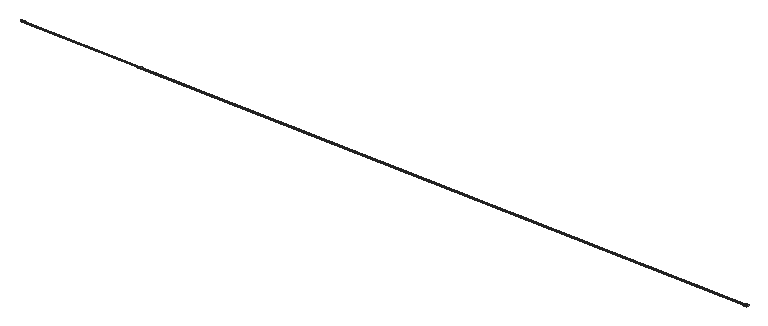
Revit family "Flex Pro IP65_0068179-82", category Lighting Fixtures, host Face, Revit 2017 (continued)
Forms (mm)
  Extrusion 145, solid
    sketch origin (1898.618, 0, 0) x (1, 0, 0) y (0, 1, 0)
      loop
        line (17.4, 1.5) -> (17.4, -1.5) -> (19.5, -1.5) -> (19.5, 1.5) -> (17.4, 1.5)
      loop
        line (34, 1.5) -> (34, -1.5) -> (36.1, -1.5) -> (36.1, 1.5) -> (34, 1.5)
      loop
        line (42.3, 1.5) -> (42.3, -1.5) -> (44.4, -1.5) -> (44.4, 1.5) -> (42.3, 1.5)
    from -1.2 to -0.5
  Extrusion 146, solid
    sketch origin (1948.582, 0, 0) x (1, 0, 0) y (0, 1, 0)
      loop
        line (9.1, 1.5) -> (9.1, -1.5) -> (11.2, -1.5) -> (11.2, 1.5) -> (9.1, 1.5)
      loop
        line (17.4, 1.5) -> (17.4, -1.5) -> (19.5, -1.5) -> (19.5, 1.5) -> (17.4, 1.5)
      loop
        line (34, 1.5) -> (34, -1.5) -> (36.1, -1.5) -> (36.1, 1.5) -> (34, 1.5)
      loop
        line (42.3, 1.5) -> (42.3, -1.5) -> (44.4, -1.5) -> (44.4, 1.5) -> (42.3, 1.5)
    from -1.2 to -0.5
  Extrusion 147, solid
    sketch origin (1998.545, 0, 0) x (1, 0, 0) y (0, 1, 0)
      loop
        line (9.1, 1.5) -> (9.1, -1.5) -> (11.2, -1.5) -> (11.2, 1.5) -> (9.1, 1.5)
      loop
        line (17.4, 1.5) -> (17.4, -1.5) -> (19.5, -1.5) -> (19.5, 1.5) -> (17.4, 1.5)
      loop
        line (34, 1.5) -> (34, -1.5) -> (36.1, -1.5) -> (36.1, 1.5) -> (34, 1.5)
      loop
        line (42.3, 1.5) -> (42.3, -1.5) -> (44.4, -1.5) -> (44.4, 1.5) -> (42.3, 1.5)
    from -1.2 to -0.5
  Extrusion 148, solid
    sketch origin (2048.509, 0, 0) x (1, 0, 0) y (0, 1, 0)
      loop
        line (9.1, 1.5) -> (9.1, -1.5) -> (11.2, -1.5) -> (11.2, 1.5) -> (9.1, 1.5)
      loop
        line (17.4, 1.5) -> (17.4, -1.5) -> (19.5, -1.5) -> (19.5, 1.5) -> (17.4, 1.5)
      loop
        line (34, 1.5) -> (34, -1.5) -> (36.1, -1.5) -> (36.1, 1.5) -> (34, 1.5)
      loop
        line (42.3, 1.5) -> (42.3, -1.5) -> (44.4, -1.5) -> (44.4, 1.5) -> (42.3, 1.5)
    from -1.2 to -0.5
  Extrusion 149, solid
    sketch origin (2098.473, 0, 0) x (1, 0, 0) y (0, 1, 0)
      loop
        line (9.1, 1.5) -> (9.1, -1.5) -> (11.2, -1.5) -> (11.2, 1.5) -> (9.1, 1.5)
      loop
        line (17.4, 1.5) -> (17.4, -1.5) -> (19.5, -1.5) -> (19.5, 1.5) -> (17.4, 1.5)
      loop
        line (34, 1.5) -> (34, -1.5) -> (36.1, -1.5) -> (36.1, 1.5) -> (34, 1.5)
      loop
        line (42.3, 1.5) -> (42.3, -1.5) -> (44.4, -1.5) -> (44.4, 1.5) -> (42.3, 1.5)
    from -1.2 to -0.5
  Extrusion 150, solid
    sketch origin (2148.436, 0, 0) x (1, 0, 0) y (0, 1, 0)
      loop
        line (9.1, 1.5) -> (9.1, -1.5) -> (11.2, -1.5) -> (11.2, 1.5) -> (9.1, 1.5)
      loop
        line (17.4, 1.5) -> (17.4, -1.5) -> (19.5, -1.5) -> (19.5, 1.5) -> (17.4, 1.5)
      loop
        line (34, 1.5) -> (34, -1.5) -> (36.1, -1.5) -> (36.1, 1.5) -> (34, 1.5)
      loop
        line (42.3, 1.5) -> (42.3, -1.5) -> (44.4, -1.5) -> (44.4, 1.5) -> (42.3, 1.5)
    from -1.2 to -0.5
  Extrusion 151, solid
    sketch origin (2198.4, 0, 0) x (1, 0, 0) y (0, 1, 0)
      loop
        line (9.1, 1.5) -> (9.1, -1.5) -> (11.2, -1.5) -> (11.2, 1.5) -> (9.1, 1.5)
      loop
        line (17.4, 1.5) -> (17.4, -1.5) -> (19.5, -1.5) -> (19.5, 1.5) -> (17.4, 1.5)
      loop
        line (34, 1.5) -> (34, -1.5) -> (36.1, -1.5) -> (36.1, 1.5) -> (34, 1.5)
      loop
        line (42.3, 1.5) -> (42.3, -1.5) -> (44.4, -1.5) -> (44.4, 1.5) -> (42.3, 1.5)
    from -1.2 to -0.5
  Extrusion 152, solid
    sketch origin (2248.364, 0, 0) x (1, 0, 0) y (0, 1, 0)
      loop
        line (9.1, 1.5) -> (9.1, -1.5) -> (11.2, -1.5) -> (11.2, 1.5) -> (9.1, 1.5)
      loop
        line (17.4, 1.5) -> (17.4, -1.5) -> (19.5, -1.5) -> (19.5, 1.5) -> (17.4, 1.5)
      loop
        line (34, 1.5) -> (34, -1.5) -> (36.1, -1.5) -> (36.1, 1.5) -> (34, 1.5)
      loop
        line (42.3, 1.5) -> (42.3, -1.5) -> (44.4, -1.5) -> (44.4, 1.5) -> (42.3, 1.5)
    from -1.2 to -0.5
  Extrusion 153, solid
    sketch origin (2298.327, 0, 0) x (1, 0, 0) y (0, 1, 0)
      loop
        line (9.1, 1.5) -> (9.1, -1.5) -> (11.2, -1.5) -> (11.2, 1.5) -> (9.1, 1.5)
      loop
        line (17.4, 1.5) -> (17.4, -1.5) -> (19.5, -1.5) -> (19.5, 1.5) -> (17.4, 1.5)
      loop
        line (34, 1.5) -> (34, -1.5) -> (36.1, -1.5) -> (36.1, 1.5) -> (34, 1.5)
      loop
        line (42.3, 1.5) -> (42.3, -1.5) -> (44.4, -1.5) -> (44.4, 1.5) -> (42.3, 1.5)
    from -1.2 to -0.5
  Extrusion 154, solid
    sketch origin (2348.291, 0, 0) x (1, 0, 0) y (0, 1, 0)
      loop
        line (9.1, 1.5) -> (9.1, -1.5) -> (11.2, -1.5) -> (11.2, 1.5) -> (9.1, 1.5)
      loop
        line (17.4, 1.5) -> (17.4, -1.5) -> (19.5, -1.5) -> (19.5, 1.5) -> (17.4, 1.5)
      loop
        line (34, 1.5) -> (34, -1.5) -> (36.1, -1.5) -> (36.1, 1.5) -> (34, 1.5)
      loop
        line (42.3, 1.5) -> (42.3, -1.5) -> (44.4, -1.5) -> (44.4, 1.5) -> (42.3, 1.5)
    from -1.2 to -0.5
  Extrusion 155, solid
    sketch origin (2398.255, 0, 0) x (1, 0, 0) y (0, 1, 0)
      loop
        line (9.1, 1.5) -> (9.1, -1.5) -> (11.2, -1.5) -> (11.2, 1.5) -> (9.1, 1.5)
      loop
        line (17.4, 1.5) -> (17.4, -1.5) -> (19.5, -1.5) -> (19.5, 1.5) -> (17.4, 1.5)
      loop
        line (34, 1.5) -> (34, -1.5) -> (36.1, -1.5) -> (36.1, 1.5) -> (34, 1.5)
      loop
        line (42.3, 1.5) -> (42.3, -1.5) -> (44.4, -1.5) -> (44.4, 1.5) -> (42.3, 1.5)
    from -1.2 to -0.5
  Extrusion 156, solid
    sketch origin (2448.218, 0, 0) x (1, 0, 0) y (0, 1, 0)
      loop
        line (9.1, 1.5) -> (9.1, -1.5) -> (11.2, -1.5) -> (11.2, 1.5) -> (9.1, 1.5)
      loop
        line (17.4, 1.5) -> (17.4, -1.5) -> (19.5, -1.5) -> (19.5, 1.5) -> (17.4, 1.5)
      loop
        line (34, 1.5) -> (34, -1.5) -> (36.1, -1.5) -> (36.1, 1.5) -> (34, 1.5)
      loop
        line (42.3, 1.5) -> (42.3, -1.5) -> (44.4, -1.5) -> (44.4, 1.5) -> (42.3, 1.5)
    from -1.2 to -0.5
  Extrusion 157, solid
    sketch origin (2498.182, 0, 0) x (1, 0, 0) y (0, 1, 0)
      loop
        line (9.1, 1.5) -> (9.1, -1.5) -> (11.2, -1.5) -> (11.2, 1.5) -> (9.1, 1.5)
      loop
        line (17.4, 1.5) -> (17.4, -1.5) -> (19.5, -1.5) -> (19.5, 1.5) -> (17.4, 1.5)
      loop
        line (34, 1.5) -> (34, -1.5) -> (36.1, -1.5) -> (36.1, 1.5) -> (34, 1.5)
      loop
        line (42.3, 1.5) -> (42.3, -1.5) -> (44.4, -1.5) -> (44.4, 1.5) -> (42.3, 1.5)
    from -1.2 to -0.5
  Extrusion 158, solid
    sketch origin (2548.145, 0, 0) x (1, 0, 0) y (0, 1, 0)
      loop
        line (9.1, 1.5) -> (9.1, -1.5) -> (11.2, -1.5) -> (11.2, 1.5) -> (9.1, 1.5)
      loop
        line (17.4, 1.5) -> (17.4, -1.5) -> (19.5, -1.5) -> (19.5, 1.5) -> (17.4, 1.5)
      loop
        line (34, 1.5) -> (34, -1.5) -> (36.1, -1.5) -> (36.1, 1.5) -> (34, 1.5)
      loop
        line (42.3, 1.5) -> (42.3, -1.5) -> (44.4, -1.5) -> (44.4, 1.5) -> (42.3, 1.5)
    from -1.2 to -0.5
  Extrusion 159, solid
    sketch origin (2598.109, 0, 0) x (1, 0, 0) y (0, 1, 0)
      loop
        line (9.1, 1.5) -> (9.1, -1.5) -> (11.2, -1.5) -> (11.2, 1.5) -> (9.1, 1.5)
      loop
        line (17.4, 1.5) -> (17.4, -1.5) -> (19.5, -1.5) -> (19.5, 1.5) -> (17.4, 1.5)
      loop
        line (34, 1.5) -> (34, -1.5) -> (36.1, -1.5) -> (36.1, 1.5) -> (34, 1.5)
      loop
        line (42.3, 1.5) -> (42.3, -1.5) -> (44.4, -1.5) -> (44.4, 1.5) -> (42.3, 1.5)
    from -1.2 to -0.5
  Extrusion 160, solid
    sketch origin (2648.073, 0, 0) x (1, 0, 0) y (0, 1, 0)
      loop
        line (9.1, 1.5) -> (9.1, -1.5) -> (11.2, -1.5) -> (11.2, 1.5) -> (9.1, 1.5)
      loop
        line (17.4, 1.5) -> (17.4, -1.5) -> (19.5, -1.5) -> (19.5, 1.5) -> (17.4, 1.5)
      loop
        line (34, 1.5) -> (34, -1.5) -> (36.1, -1.5) -> (36.1, 1.5) -> (34, 1.5)
      loop
        line (42.3, 1.5) -> (42.3, -1.5) -> (44.4, -1.5) -> (44.4, 1.5) -> (42.3, 1.5)
    from -1.2 to -0.5
  Extrusion 161, solid
    sketch origin (2698.036, 0, 0) x (1, 0, 0) y (0, 1, 0)
      loop
        line (9.1, 1.5) -> (9.1, -1.5) -> (11.2, -1.5) -> (11.2, 1.5) -> (9.1, 1.5)
      loop
        line (17.4, 1.5) -> (17.4, -1.5) -> (19.5, -1.5) -> (19.5, 1.5) -> (17.4, 1.5)
      loop
        line (34, 1.5) -> (34, -1.5) -> (36.1, -1.5) -> (36.1, 1.5) -> (34, 1.5)
      loop
        line (42.3, 1.5) -> (42.3, -1.5) -> (44.4, -1.5) -> (44.4, 1.5) -> (42.3, 1.5)
    from -1.2 to -0.5
  Extrusion 162, solid
    sketch origin (2748, 0, 0) x (1, 0, 0) y (0, 1, 0)
      loop
        line (9.1, 1.5) -> (9.1, -1.5) -> (11.2, -1.5) -> (11.2, 1.5) -> (9.1, 1.5)
      loop
        line (17.4, 1.5) -> (17.4, -1.5) -> (19.5, -1.5) -> (19.5, 1.5) -> (17.4, 1.5)
      loop
        line (34, 1.5) -> (34, -1.5) -> (36.1, -1.5) -> (36.1, 1.5) -> (34, 1.5)
      loop
        line (42.3, 1.5) -> (42.3, -1.5) -> (44.4, -1.5) -> (44.4, 1.5) -> (42.3, 1.5)
    from -1.2 to -0.5
  Extrusion 163, solid
    sketch origin (2797.964, 0, 0) x (1, 0, 0) y (0, 1, 0)
      loop
        line (9.1, 1.5) -> (9.1, -1.5) -> (11.2, -1.5) -> (11.2, 1.5) -> (9.1, 1.5)
      loop
        line (17.4, 1.5) -> (17.4, -1.5) -> (19.5, -1.5) -> (19.5, 1.5) -> (17.4, 1.5)
      loop
        line (34, 1.5) -> (34, -1.5) -> (36.1, -1.5) -> (36.1, 1.5) -> (34, 1.5)
      loop
        line (42.3, 1.5) -> (42.3, -1.5) -> (44.4, -1.5) -> (44.4, 1.5) -> (42.3, 1.5)
    from -1.2 to -0.5
  Extrusion 164, solid
    sketch origin (2847.927, 0, 0) x (1, 0, 0) y (0, 1, 0)
      loop
        line (9.1, 1.5) -> (9.1, -1.5) -> (11.2, -1.5) -> (11.2, 1.5) -> (9.1, 1.5)
      loop
        line (17.4, 1.5) -> (17.4, -1.5) -> (19.5, -1.5) -> (19.5, 1.5) -> (17.4, 1.5)
      loop
        line (34, 1.5) -> (34, -1.5) -> (36.1, -1.5) -> (36.1, 1.5) -> (34, 1.5)
      loop
        line (42.3, 1.5) -> (42.3, -1.5) -> (44.4, -1.5) -> (44.4, 1.5) -> (42.3, 1.5)
    from -1.2 to -0.5
  Extrusion 165, solid
    sketch origin (2897.891, 0, 0) x (1, 0, 0) y (0, 1, 0)
      loop
        line (9.1, 1.5) -> (9.1, -1.5) -> (11.2, -1.5) -> (11.2, 1.5) -> (9.1, 1.5)
      loop
        line (17.4, 1.5) -> (17.4, -1.5) -> (19.5, -1.5) -> (19.5, 1.5) -> (17.4, 1.5)
      loop
        line (34, 1.5) -> (34, -1.5) -> (36.1, -1.5) -> (36.1, 1.5) -> (34, 1.5)
      loop
        line (42.3, 1.5) -> (42.3, -1.5) -> (44.4, -1.5) -> (44.4, 1.5) -> (42.3, 1.5)
    from -1.2 to -0.5
  Extrusion 166, solid
    sketch origin (2947.855, 0, 0) x (1, 0, 0) y (0, 1, 0)
      loop
        line (9.1, 1.5) -> (9.1, -1.5) -> (11.2, -1.5) -> (11.2, 1.5) -> (9.1, 1.5)
      loop
        line (17.4, 1.5) -> (17.4, -1.5) -> (19.5, -1.5) -> (19.5, 1.5) -> (17.4, 1.5)
      loop
        line (34, 1.5) -> (34, -1.5) -> (36.1, -1.5) -> (36.1, 1.5) -> (34, 1.5)
      loop
        line (42.3, 1.5) -> (42.3, -1.5) -> (44.4, -1.5) -> (44.4, 1.5) -> (42.3, 1.5)
    from -1.2 to -0.5
  Extrusion 167, solid
    sketch origin (2997.818, 0, 0) x (1, 0, 0) y (0, 1, 0)
      loop
        line (9.1, 1.5) -> (9.1, -1.5) -> (11.2, -1.5) -> (11.2, 1.5) -> (9.1, 1.5)
      loop
        line (17.4, 1.5) -> (17.4, -1.5) -> (19.5, -1.5) -> (19.5, 1.5) -> (17.4, 1.5)
      loop
        line (34, 1.5) -> (34, -1.5) -> (36.1, -1.5) -> (36.1, 1.5) -> (34, 1.5)
      loop
        line (42.3, 1.5) -> (42.3, -1.5) -> (44.4, -1.5) -> (44.4, 1.5) -> (42.3, 1.5)
    from -1.2 to -0.5
  Extrusion 168, solid
    sketch origin (3047.782, 0, 0) x (1, 0, 0) y (0, 1, 0)
      loop
        line (9.1, 1.5) -> (9.1, -1.5) -> (11.2, -1.5) -> (11.2, 1.5) -> (9.1, 1.5)
      loop
        line (17.4, 1.5) -> (17.4, -1.5) -> (19.5, -1.5) -> (19.5, 1.5) -> (17.4, 1.5)
      loop
        line (34, 1.5) -> (34, -1.5) -> (36.1, -1.5) -> (36.1, 1.5) -> (34, 1.5)
      loop
        line (42.3, 1.5) -> (42.3, -1.5) -> (44.4, -1.5) -> (44.4, 1.5) -> (42.3, 1.5)
    from -1.2 to -0.5
  Extrusion 169, solid
    sketch origin (3097.745, 0, 0) x (1, 0, 0) y (0, 1, 0)
      loop
        line (9.1, 1.5) -> (9.1, -1.5) -> (11.2, -1.5) -> (11.2, 1.5) -> (9.1, 1.5)
      loop
        line (17.4, 1.5) -> (17.4, -1.5) -> (19.5, -1.5) -> (19.5, 1.5) -> (17.4, 1.5)
      loop
        line (34, 1.5) -> (34, -1.5) -> (36.1, -1.5) -> (36.1, 1.5) -> (34, 1.5)
      loop
        line (42.3, 1.5) -> (42.3, -1.5) -> (44.4, -1.5) -> (44.4, 1.5) -> (42.3, 1.5)
    from -1.2 to -0.5
  Extrusion 170, solid
    sketch origin (3147.709, 0, 0) x (1, 0, 0) y (0, 1, 0)
      loop
        line (9.1, 1.5) -> (9.1, -1.5) -> (11.2, -1.5) -> (11.2, 1.5) -> (9.1, 1.5)
      loop
        line (17.4, 1.5) -> (17.4, -1.5) -> (19.5, -1.5) -> (19.5, 1.5) -> (17.4, 1.5)
      loop
        line (34, 1.5) -> (34, -1.5) -> (36.1, -1.5) -> (36.1, 1.5) -> (34, 1.5)
      loop
        line (42.3, 1.5) -> (42.3, -1.5) -> (44.4, -1.5) -> (44.4, 1.5) -> (42.3, 1.5)
    from -1.2 to -0.5
  Extrusion 171, solid
    sketch origin (3197.673, 0, 0) x (1, 0, 0) y (0, 1, 0)
      loop
        line (9.1, 1.5) -> (9.1, -1.5) -> (11.2, -1.5) -> (11.2, 1.5) -> (9.1, 1.5)
      loop
        line (17.4, 1.5) -> (17.4, -1.5) -> (19.5, -1.5) -> (19.5, 1.5) -> (17.4, 1.5)
      loop
        line (34, 1.5) -> (34, -1.5) -> (36.1, -1.5) -> (36.1, 1.5) -> (34, 1.5)
      loop
        line (42.3, 1.5) -> (42.3, -1.5) -> (44.4, -1.5) -> (44.4, 1.5) -> (42.3, 1.5)
    from -1.2 to -0.5
  Extrusion 172, solid
    sketch origin (3247.636, 0, 0) x (1, 0, 0) y (0, 1, 0)
      loop
        line (9.1, 1.5) -> (9.1, -1.5) -> (11.2, -1.5) -> (11.2, 1.5) -> (9.1, 1.5)
      loop
        line (17.4, 1.5) -> (17.4, -1.5) -> (19.5, -1.5) -> (19.5, 1.5) -> (17.4, 1.5)
      loop
        line (34, 1.5) -> (34, -1.5) -> (36.1, -1.5) -> (36.1, 1.5) -> (34, 1.5)
      loop
        line (42.3, 1.5) -> (42.3, -1.5) -> (44.4, -1.5) -> (44.4, 1.5) -> (42.3, 1.5)
    from -1.2 to -0.5
  Extrusion 173, solid
    sketch origin (3297.6, 0, 0) x (1, 0, 0) y (0, 1, 0)
      loop
        line (9.1, 1.5) -> (9.1, -1.5) -> (11.2, -1.5) -> (11.2, 1.5) -> (9.1, 1.5)
      loop
        line (17.4, 1.5) -> (17.4, -1.5) -> (19.5, -1.5) -> (19.5, 1.5) -> (17.4, 1.5)
      loop
        line (34, 1.5) -> (34, -1.5) -> (36.1, -1.5) -> (36.1, 1.5) -> (34, 1.5)
      loop
        line (42.3, 1.5) -> (42.3, -1.5) -> (44.4, -1.5) -> (44.4, 1.5) -> (42.3, 1.5)
    from -1.2 to -0.5
  Extrusion 174, solid
    sketch origin (3347.564, 0, 0) x (1, 0, 0) y (0, 1, 0)
      loop
        line (9.1, 1.5) -> (9.1, -1.5) -> (11.2, -1.5) -> (11.2, 1.5) -> (9.1, 1.5)
      loop
        line (17.4, 1.5) -> (17.4, -1.5) -> (19.5, -1.5) -> (19.5, 1.5) -> (17.4, 1.5)
      loop
        line (34, 1.5) -> (34, -1.5) -> (36.1, -1.5) -> (36.1, 1.5) -> (34, 1.5)
      loop
        line (42.3, 1.5) -> (42.3, -1.5) -> (44.4, -1.5) -> (44.4, 1.5) -> (42.3, 1.5)
    from -1.2 to -0.5
  Extrusion 175, solid
    sketch origin (3397.527, 0, 0) x (1, 0, 0) y (0, 1, 0)
      loop
        line (9.1, 1.5) -> (9.1, -1.5) -> (11.2, -1.5) -> (11.2, 1.5) -> (9.1, 1.5)
      loop
        line (17.4, 1.5) -> (17.4, -1.5) -> (19.5, -1.5) -> (19.5, 1.5) -> (17.4, 1.5)
      loop
        line (34, 1.5) -> (34, -1.5) -> (36.1, -1.5) -> (36.1, 1.5) -> (34, 1.5)
      loop
        line (42.3, 1.5) -> (42.3, -1.5) -> (44.4, -1.5) -> (44.4, 1.5) -> (42.3, 1.5)
    from -1.2 to -0.5
  Extrusion 176, solid
    sketch origin (3447.491, 0, 0) x (1, 0, 0) y (0, 1, 0)
      loop
        line (9.1, 1.5) -> (9.1, -1.5) -> (11.2, -1.5) -> (11.2, 1.5) -> (9.1, 1.5)
      loop
        line (17.4, 1.5) -> (17.4, -1.5) -> (19.5, -1.5) -> (19.5, 1.5) -> (17.4, 1.5)
      loop
        line (34, 1.5) -> (34, -1.5) -> (36.1, -1.5) -> (36.1, 1.5) -> (34, 1.5)
      loop
        line (42.3, 1.5) -> (42.3, -1.5) -> (44.4, -1.5) -> (44.4, 1.5) -> (42.3, 1.5)
    from -1.2 to -0.5
  Extrusion 177, solid
    sketch origin (3497.455, 0, 0) x (1, 0, 0) y (0, 1, 0)
      loop
        line (9.1, 1.5) -> (9.1, -1.5) -> (11.2, -1.5) -> (11.2, 1.5) -> (9.1, 1.5)
      loop
        line (17.4, 1.5) -> (17.4, -1.5) -> (19.5, -1.5) -> (19.5, 1.5) -> (17.4, 1.5)
      loop
        line (34, 1.5) -> (34, -1.5) -> (36.1, -1.5) -> (36.1, 1.5) -> (34, 1.5)
      loop
        line (42.3, 1.5) -> (42.3, -1.5) -> (44.4, -1.5) -> (44.4, 1.5) -> (42.3, 1.5)
    from -1.2 to -0.5
  Extrusion 178, solid
    sketch origin (3547.418, 0, 0) x (1, 0, 0) y (0, 1, 0)
      loop
        line (9.1, 1.5) -> (9.1, -1.5) -> (11.2, -1.5) -> (11.2, 1.5) -> (9.1, 1.5)
      loop
        line (17.4, 1.5) -> (17.4, -1.5) -> (19.5, -1.5) -> (19.5, 1.5) -> (17.4, 1.5)
      loop
        line (34, 1.5) -> (34, -1.5) -> (36.1, -1.5) -> (36.1, 1.5) -> (34, 1.5)
      loop
        line (42.3, 1.5) -> (42.3, -1.5) -> (44.4, -1.5) -> (44.4, 1.5) -> (42.3, 1.5)
    from -1.2 to -0.5
  Extrusion 179, solid
    sketch origin (3597.382, 0, 0) x (1, 0, 0) y (0, 1, 0)
      loop
        line (9.1, 1.5) -> (9.1, -1.5) -> (11.2, -1.5) -> (11.2, 1.5) -> (9.1, 1.5)
      loop
        line (17.4, 1.5) -> (17.4, -1.5) -> (19.5, -1.5) -> (19.5, 1.5) -> (17.4, 1.5)
      loop
        line (34, 1.5) -> (34, -1.5) -> (36.1, -1.5) -> (36.1, 1.5) -> (34, 1.5)
      loop
        line (42.3, 1.5) -> (42.3, -1.5) -> (44.4, -1.5) -> (44.4, 1.5) -> (42.3, 1.5)
    from -1.2 to -0.5
  Extrusion 180, solid
    sketch origin (3647.345, 0, 0) x (1, 0, 0) y (0, 1, 0)
      loop
        line (9.1, 1.5) -> (9.1, -1.5) -> (11.2, -1.5) -> (11.2, 1.5) -> (9.1, 1.5)
      loop
        line (17.4, 1.5) -> (17.4, -1.5) -> (19.5, -1.5) -> (19.5, 1.5) -> (17.4, 1.5)
      loop
        line (34, 1.5) -> (34, -1.5) -> (36.1, -1.5) -> (36.1, 1.5) -> (34, 1.5)
      loop
        line (42.3, 1.5) -> (42.3, -1.5) -> (44.4, -1.5) -> (44.4, 1.5) -> (42.3, 1.5)
    from -1.2 to -0.5
  Extrusion 181, solid
    sketch origin (3697.309, 0, 0) x (1, 0, 0) y (0, 1, 0)
      loop
        line (9.1, 1.5) -> (9.1, -1.5) -> (11.2, -1.5) -> (11.2, 1.5) -> (9.1, 1.5)
      loop
        line (17.4, 1.5) -> (17.4, -1.5) -> (19.5, -1.5) -> (19.5, 1.5) -> (17.4, 1.5)
      loop
        line (34, 1.5) -> (34, -1.5) -> (36.1, -1.5) -> (36.1, 1.5) -> (34, 1.5)
      loop
        line (42.3, 1.5) -> (42.3, -1.5) -> (44.4, -1.5) -> (44.4, 1.5) -> (42.3, 1.5)
    from -1.2 to -0.5
  Extrusion 182, solid
    sketch origin (3747.273, 0, 0) x (1, 0, 0) y (0, 1, 0)
      loop
        line (9.1, 1.5) -> (9.1, -1.5) -> (11.2, -1.5) -> (11.2, 1.5) -> (9.1, 1.5)
      loop
        line (17.4, 1.5) -> (17.4, -1.5) -> (19.5, -1.5) -> (19.5, 1.5) -> (17.4, 1.5)
      loop
        line (34, 1.5) -> (34, -1.5) -> (36.1, -1.5) -> (36.1, 1.5) -> (34, 1.5)
      loop
        line (42.3, 1.5) -> (42.3, -1.5) -> (44.4, -1.5) -> (44.4, 1.5) -> (42.3, 1.5)
    from -1.2 to -0.5
  Extrusion 183, solid
    sketch origin (3797.236, 0, 0) x (1, 0, 0) y (0, 1, 0)
      loop
        line (9.1, 1.5) -> (9.1, -1.5) -> (11.2, -1.5) -> (11.2, 1.5) -> (9.1, 1.5)
      loop
        line (17.4, 1.5) -> (17.4, -1.5) -> (19.5, -1.5) -> (19.5, 1.5) -> (17.4, 1.5)
      loop
        line (34, 1.5) -> (34, -1.5) -> (36.1, -1.5) -> (36.1, 1.5) -> (34, 1.5)
      loop
        line (42.3, 1.5) -> (42.3, -1.5) -> (44.4, -1.5) -> (44.4, 1.5) -> (42.3, 1.5)
    from -1.2 to -0.5
  Extrusion 184, solid
    sketch origin (3847.2, 0, 0) x (1, 0, 0) y (0, 1, 0)
      loop
        line (9.1, 1.5) -> (9.1, -1.5) -> (11.2, -1.5) -> (11.2, 1.5) -> (9.1, 1.5)
      loop
        line (17.4, 1.5) -> (17.4, -1.5) -> (19.5, -1.5) -> (19.5, 1.5) -> (17.4, 1.5)
      loop
        line (34, 1.5) -> (34, -1.5) -> (36.1, -1.5) -> (36.1, 1.5) -> (34, 1.5)
      loop
        line (42.3, 1.5) -> (42.3, -1.5) -> (44.4, -1.5) -> (44.4, 1.5) -> (42.3, 1.5)
    from -1.2 to -0.5
  Extrusion 185, solid
    sketch origin (3897.164, 0, 0) x (1, 0, 0) y (0, 1, 0)
      loop
        line (9.1, 1.5) -> (9.1, -1.5) -> (11.2, -1.5) -> (11.2, 1.5) -> (9.1, 1.5)
      loop
        line (17.4, 1.5) -> (17.4, -1.5) -> (19.5, -1.5) -> (19.5, 1.5) -> (17.4, 1.5)
      loop
        line (34, 1.5) -> (34, -1.5) -> (36.1, -1.5) -> (36.1, 1.5) -> (34, 1.5)
      loop
        line (42.3, 1.5) -> (42.3, -1.5) -> (44.4, -1.5) -> (44.4, 1.5) -> (42.3, 1.5)
    from -1.2 to -0.5
  Extrusion 186, solid
    sketch origin (3947.127, 0, 0) x (1, 0, 0) y (0, 1, 0)
      loop
        line (9.1, 1.5) -> (9.1, -1.5) -> (11.2, -1.5) -> (11.2, 1.5) -> (9.1, 1.5)
      loop
        line (17.4, 1.5) -> (17.4, -1.5) -> (19.5, -1.5) -> (19.5, 1.5) -> (17.4, 1.5)
      loop
        line (34, 1.5) -> (34, -1.5) -> (36.1, -1.5) -> (36.1, 1.5) -> (34, 1.5)
      loop
        line (42.3, 1.5) -> (42.3, -1.5) -> (44.4, -1.5) -> (44.4, 1.5) -> (42.3, 1.5)
    from -1.2 to -0.5
  Extrusion 187, solid
    sketch origin (3997.091, 0, 0) x (1, 0, 0) y (0, 1, 0)
      loop
        line (9.1, 1.5) -> (9.1, -1.5) -> (11.2, -1.5) -> (11.2, 1.5) -> (9.1, 1.5)
      loop
        line (17.4, 1.5) -> (17.4, -1.5) -> (19.5, -1.5) -> (19.5, 1.5) -> (17.4, 1.5)
      loop
        line (34, 1.5) -> (34, -1.5) -> (36.1, -1.5) -> (36.1, 1.5) -> (34, 1.5)
      loop
        line (42.3, 1.5) -> (42.3, -1.5) -> (44.4, -1.5) -> (44.4, 1.5) -> (42.3, 1.5)
    from -1.2 to -0.5
  Extrusion 188, solid
    sketch origin (4047.055, 0, 0) x (1, 0, 0) y (0, 1, 0)
      loop
        line (9.1, 1.5) -> (9.1, -1.5) -> (11.2, -1.5) -> (11.2, 1.5) -> (9.1, 1.5)
      loop
        line (17.4, 1.5) -> (17.4, -1.5) -> (19.5, -1.5) -> (19.5, 1.5) -> (17.4, 1.5)
      loop
        line (34, 1.5) -> (34, -1.5) -> (36.1, -1.5) -> (36.1, 1.5) -> (34, 1.5)
      loop
        line (42.3, 1.5) -> (42.3, -1.5) -> (44.4, -1.5) -> (44.4, 1.5) -> (42.3, 1.5)
    from -1.2 to -0.5
  Extrusion 189, solid
    sketch origin (4097.018, 0, 0) x (1, 0, 0) y (0, 1, 0)
      loop
        line (9.1, 1.5) -> (9.1, -1.5) -> (11.2, -1.5) -> (11.2, 1.5) -> (9.1, 1.5)
      loop
        line (17.4, 1.5) -> (17.4, -1.5) -> (19.5, -1.5) -> (19.5, 1.5) -> (17.4, 1.5)
      loop
        line (34, 1.5) -> (34, -1.5) -> (36.1, -1.5) -> (36.1, 1.5) -> (34, 1.5)
      loop
        line (42.3, 1.5) -> (42.3, -1.5) -> (44.4, -1.5) -> (44.4, 1.5) -> (42.3, 1.5)
    from -1.2 to -0.5
  Extrusion 190, solid
    sketch origin (4146.982, 0, 0) x (1, 0, 0) y (0, 1, 0)
      loop
        line (9.1, 1.5) -> (9.1, -1.5) -> (11.2, -1.5) -> (11.2, 1.5) -> (9.1, 1.5)
      loop
        line (17.4, 1.5) -> (17.4, -1.5) -> (19.5, -1.5) -> (19.5, 1.5) -> (17.4, 1.5)
      loop
        line (34, 1.5) -> (34, -1.5) -> (36.1, -1.5) -> (36.1, 1.5) -> (34, 1.5)
      loop
        line (42.3, 1.5) -> (42.3, -1.5) -> (44.4, -1.5) -> (44.4, 1.5) -> (42.3, 1.5)
    from -1.2 to -0.5
  Extrusion 191, solid
    sketch origin (4196.945, 0, 0) x (1, 0, 0) y (0, 1, 0)
      loop
        line (9.1, 1.5) -> (9.1, -1.5) -> (11.2, -1.5) -> (11.2, 1.5) -> (9.1, 1.5)
      loop
        line (17.4, 1.5) -> (17.4, -1.5) -> (19.5, -1.5) -> (19.5, 1.5) -> (17.4, 1.5)
      loop
        line (34, 1.5) -> (34, -1.5) -> (36.1, -1.5) -> (36.1, 1.5) -> (34, 1.5)
      loop
        line (42.3, 1.5) -> (42.3, -1.5) -> (44.4, -1.5) -> (44.4, 1.5) -> (42.3, 1.5)
    from -1.2 to -0.5
  Extrusion 192, solid
    sketch origin (4246.909, 0, 0) x (1, 0, 0) y (0, 1, 0)
      loop
        line (9.1, 1.5) -> (9.1, -1.5) -> (11.2, -1.5) -> (11.2, 1.5) -> (9.1, 1.5)
      loop
        line (17.4, 1.5) -> (17.4, -1.5) -> (19.5, -1.5) -> (19.5, 1.5) -> (17.4, 1.5)
      loop
        line (34, 1.5) -> (34, -1.5) -> (36.1, -1.5) -> (36.1, 1.5) -> (34, 1.5)
      loop
        line (42.3, 1.5) -> (42.3, -1.5) -> (44.4, -1.5) -> (44.4, 1.5) -> (42.3, 1.5)
    from -1.2 to -0.5
  Extrusion 193, solid
    sketch origin (4296.873, 0, 0) x (1, 0, 0) y (0, 1, 0)
      loop
        line (9.1, 1.5) -> (9.1, -1.5) -> (11.2, -1.5) -> (11.2, 1.5) -> (9.1, 1.5)
      loop
        line (17.4, 1.5) -> (17.4, -1.5) -> (19.5, -1.5) -> (19.5, 1.5) -> (17.4, 1.5)
      loop
        line (34, 1.5) -> (34, -1.5) -> (36.1, -1.5) -> (36.1, 1.5) -> (34, 1.5)
      loop
        line (42.3, 1.5) -> (42.3, -1.5) -> (44.4, -1.5) -> (44.4, 1.5) -> (42.3, 1.5)
    from -1.2 to -0.5
  Extrusion 194, solid
    sketch origin (4346.836, 0, 0) x (1, 0, 0) y (0, 1, 0)
      loop
        line (9.1, 1.5) -> (9.1, -1.5) -> (11.2, -1.5) -> (11.2, 1.5) -> (9.1, 1.5)
      loop
        line (17.4, 1.5) -> (17.4, -1.5) -> (19.5, -1.5) -> (19.5, 1.5) -> (17.4, 1.5)
      loop
        line (34, 1.5) -> (34, -1.5) -> (36.1, -1.5) -> (36.1, 1.5) -> (34, 1.5)
      loop
        line (42.3, 1.5) -> (42.3, -1.5) -> (44.4, -1.5) -> (44.4, 1.5) -> (42.3, 1.5)
    from -1.2 to -0.5
  Extrusion 195, solid
    sketch origin (4396.8, 0, 0) x (1, 0, 0) y (0, 1, 0)
      loop
        line (9.1, 1.5) -> (9.1, -1.5) -> (11.2, -1.5) -> (11.2, 1.5) -> (9.1, 1.5)
      loop
        line (17.4, 1.5) -> (17.4, -1.5) -> (19.5, -1.5) -> (19.5, 1.5) -> (17.4, 1.5)
      loop
        line (34, 1.5) -> (34, -1.5) -> (36.1, -1.5) -> (36.1, 1.5) -> (34, 1.5)
      loop
        line (42.3, 1.5) -> (42.3, -1.5) -> (44.4, -1.5) -> (44.4, 1.5) -> (42.3, 1.5)
    from -1.2 to -0.5
  Extrusion 196, solid
    sketch origin (4446.764, 0, 0) x (1, 0, 0) y (0, 1, 0)
      loop
        line (9.1, 1.5) -> (9.1, -1.5) -> (11.2, -1.5) -> (11.2, 1.5) -> (9.1, 1.5)
      loop
        line (17.4, 1.5) -> (17.4, -1.5) -> (19.5, -1.5) -> (19.5, 1.5) -> (17.4, 1.5)
      loop
        line (34, 1.5) -> (34, -1.5) -> (36.1, -1.5) -> (36.1, 1.5) -> (34, 1.5)
      loop
        line (42.3, 1.5) -> (42.3, -1.5) -> (44.4, -1.5) -> (44.4, 1.5) -> (42.3, 1.5)
    from -1.2 to -0.5
  Extrusion 197, solid
    sketch origin (4496.727, 0, 0) x (1, 0, 0) y (0, 1, 0)
      loop
        line (9.1, 1.5) -> (9.1, -1.5) -> (11.2, -1.5) -> (11.2, 1.5) -> (9.1, 1.5)
      loop
        line (17.4, 1.5) -> (17.4, -1.5) -> (19.5, -1.5) -> (19.5, 1.5) -> (17.4, 1.5)
      loop
        line (34, 1.5) -> (34, -1.5) -> (36.1, -1.5) -> (36.1, 1.5) -> (34, 1.5)
      loop
        line (42.3, 1.5) -> (42.3, -1.5) -> (44.4, -1.5) -> (44.4, 1.5) -> (42.3, 1.5)
    from -1.2 to -0.5
  Extrusion 198, solid
    sketch origin (4546.691, 0, 0) x (1, 0, 0) y (0, 1, 0)
      loop
        line (9.1, 1.5) -> (9.1, -1.5) -> (11.2, -1.5) -> (11.2, 1.5) -> (9.1, 1.5)
      loop
        line (17.4, 1.5) -> (17.4, -1.5) -> (19.5, -1.5) -> (19.5, 1.5) -> (17.4, 1.5)
      loop
        line (34, 1.5) -> (34, -1.5) -> (36.1, -1.5) -> (36.1, 1.5) -> (34, 1.5)
      loop
        line (42.3, 1.5) -> (42.3, -1.5) -> (44.4, -1.5) -> (44.4, 1.5) -> (42.3, 1.5)
    from -1.2 to -0.5
  Extrusion 199, solid
    sketch origin (4596.655, 0, 0) x (1, 0, 0) y (0, 1, 0)
      loop
        line (9.1, 1.5) -> (9.1, -1.5) -> (11.2, -1.5) -> (11.2, 1.5) -> (9.1, 1.5)
      loop
        line (17.4, 1.5) -> (17.4, -1.5) -> (19.5, -1.5) -> (19.5, 1.5) -> (17.4, 1.5)
      loop
        line (34, 1.5) -> (34, -1.5) -> (36.1, -1.5) -> (36.1, 1.5) -> (34, 1.5)
      loop
        line (42.3, 1.5) -> (42.3, -1.5) -> (44.4, -1.5) -> (44.4, 1.5) -> (42.3, 1.5)
    from -1.2 to -0.5
  Extrusion 200, solid
    sketch origin (4646.618, 0, 0) x (1, 0, 0) y (0, 1, 0)
      loop
        line (9.1, 1.5) -> (9.1, -1.5) -> (11.2, -1.5) -> (11.2, 1.5) -> (9.1, 1.5)
      loop
        line (17.4, 1.5) -> (17.4, -1.5) -> (19.5, -1.5) -> (19.5, 1.5) -> (17.4, 1.5)
      loop
        line (34, 1.5) -> (34, -1.5) -> (36.1, -1.5) -> (36.1, 1.5) -> (34, 1.5)
      loop
        line (42.3, 1.5) -> (42.3, -1.5) -> (44.4, -1.5) -> (44.4, 1.5) -> (42.3, 1.5)
    from -1.2 to -0.5
  Extrusion 201, solid
    sketch origin (4696.582, 0, 0) x (1, 0, 0) y (0, 1, 0)
      loop
        line (9.1, 1.5) -> (9.1, -1.5) -> (11.2, -1.5) -> (11.2, 1.5) -> (9.1, 1.5)
      loop
        line (17.4, 1.5) -> (17.4, -1.5) -> (19.5, -1.5) -> (19.5, 1.5) -> (17.4, 1.5)
      loop
        line (34, 1.5) -> (34, -1.5) -> (36.1, -1.5) -> (36.1, 1.5) -> (34, 1.5)
      loop
        line (42.3, 1.5) -> (42.3, -1.5) -> (44.4, -1.5) -> (44.4, 1.5) -> (42.3, 1.5)
    from -1.2 to -0.5
  Extrusion 202, solid
    sketch origin (4746.545, 0, 0) x (1, 0, 0) y (0, 1, 0)
      loop
        line (9.1, 1.5) -> (9.1, -1.5) -> (11.2, -1.5) -> (11.2, 1.5) -> (9.1, 1.5)
      loop
        line (17.4, 1.5) -> (17.4, -1.5) -> (19.5, -1.5) -> (19.5, 1.5) -> (17.4, 1.5)
      loop
        line (34, 1.5) -> (34, -1.5) -> (36.1, -1.5) -> (36.1, 1.5) -> (34, 1.5)
      loop
        line (42.3, 1.5) -> (42.3, -1.5) -> (44.4, -1.5) -> (44.4, 1.5) -> (42.3, 1.5)
    from -1.2 to -0.5
  Extrusion 203, solid
    sketch origin (4796.509, 0, 0) x (1, 0, 0) y (0, 1, 0)
      loop
        line (9.1, 1.5) -> (9.1, -1.5) -> (11.2, -1.5) -> (11.2, 1.5) -> (9.1, 1.5)
      loop
        line (17.4, 1.5) -> (17.4, -1.5) -> (19.5, -1.5) -> (19.5, 1.5) -> (17.4, 1.5)
      loop
        line (34, 1.5) -> (34, -1.5) -> (36.1, -1.5) -> (36.1, 1.5) -> (34, 1.5)
      loop
        line (42.3, 1.5) -> (42.3, -1.5) -> (44.4, -1.5) -> (44.4, 1.5) -> (42.3, 1.5)
    from -1.2 to -0.5
  Extrusion 204, solid
    sketch origin (4846.473, 0, 0) x (1, 0, 0) y (0, 1, 0)
      loop
        line (9.1, 1.5) -> (9.1, -1.5) -> (11.2, -1.5) -> (11.2, 1.5) -> (9.1, 1.5)
      loop
        line (17.4, 1.5) -> (17.4, -1.5) -> (19.5, -1.5) -> (19.5, 1.5) -> (17.4, 1.5)
      loop
        line (34, 1.5) -> (34, -1.5) -> (36.1, -1.5) -> (36.1, 1.5) -> (34, 1.5)
      loop
        line (42.3, 1.5) -> (42.3, -1.5) -> (44.4, -1.5) -> (44.4, 1.5) -> (42.3, 1.5)
    from -1.2 to -0.5
  Extrusion 205, solid
    sketch origin (4896.436, 0, 0) x (1, 0, 0) y (0, 1, 0)
      loop
        line (9.1, 1.5) -> (9.1, -1.5) -> (11.2, -1.5) -> (11.2, 1.5) -> (9.1, 1.5)
      loop
        line (17.4, 1.5) -> (17.4, -1.5) -> (19.5, -1.5) -> (19.5, 1.5) -> (17.4, 1.5)
      loop
        line (34, 1.5) -> (34, -1.5) -> (36.1, -1.5) -> (36.1, 1.5) -> (34, 1.5)
      loop
        line (42.3, 1.5) -> (42.3, -1.5) -> (44.4, -1.5) -> (44.4, 1.5) -> (42.3, 1.5)
    from -1.2 to -0.5
  Extrusion 206, solid, material "Default New Material" <- "Material_2_SYL"
    sketch origin (0, 0, 0) x (1, 0, 0) y (0, 1, 0)
      loop
        line (0, 7) -> (-15, 7) -> (-15, -7) -> (0, -7) -> (0, 7)
      loop
        line (5000, 7) -> (5000, -7) -> (5010, -7) -> (5010, 7) -> (5000, 7)
    from -2.6 to 3.4
  Extrusion 207, solid, material "Default New Material(1)" <- "Material_3_SYL"
    sketch origin (0, 0, 0) x (1, 0, 0) y (0, 1, 0)
      loop
        line (0, 6) -> (0, -6) -> (5000, -6) -> (5000, 6) -> (0, 6)
    from 1.8 to -2.2
Dimensions and locks
  "CABLE_LENGHT_SYL": plane 8 to plane 3 "Center (Left/Right)"
  "CABLE_FIX_SYL": plane 3 "Center (Left/Right)" to plane 7
  "LUM_WIDTH_SYL": plane 6 to plane 1 "Center (Front/Back)" to plane 5
  "CABLE_BLEND_SYL": plane 9 to plane 3 "Center (Left/Right)"  (x2)
  "CABLE_END_SYL": plane 8 to plane 10
  "LUM_LENGHT_SYL": plane 3 "Center (Left/Right)" to plane 4
  "CABLE_DIST_SYL": plane 12 to plane 1 "Center (Front/Back)" to plane 11
  "CABLE_DIST2_SYL": plane 13 to plane 5
  "CABLE_DIST2_SYL": plane 6 to plane 14
  "LED_CH_S_WIDTH_SYL": plane 18 to plane 1 "Center (Front/Back)" to plane 17
  "LED_CH_L_WIDTH_SYL": plane 16 to plane 1 "Center (Front/Back)" to plane 15
  "PHOTOMETRY1_SYL": imposter light to plane 4
  "PHOTOMETRY2_SYL": imposter light to Extrusion 1
  "LED_CH_L_DIST1_SYL": plane 3 "Center (Left/Right)" to plane 19
  "LED_CH_L_DIST_SYL": plane 19 to plane 20 to plane 21 to plane 22 to plane 23 to plane 24
  "LED_CH_L_DEPTH_SYL": plane 26 to plane 19 to plane 25
  "LED_CH_L_DEPTH_SYL": plane 28 to plane 20 to plane 27
  "LED_CH_L_DEPTH_SYL": plane 30 to plane 21 to plane 29
  "LED_CH_L_DEPTH_SYL": plane 32 to plane 22 to plane 31
  "LED_CH_L_DEPTH_SYL": plane 33 to plane 23 to plane 34
  "LED_CH_L_DEPTH_SYL": plane 35 to plane 24 to plane 36
  "LED_CH_S_DEPTH1_SYL": plane 37 to plane 43
  "LED_CH_S_DEPTH1_SYL": plane 38 to plane 45
  "LED_CH_S_DEPTH1_SYL": plane 40 to plane 48
  "LED_CH_S_DEPTH1_SYL": plane 41 to plane 46
  "LED_CH_S_DEPTH2_SYL": plane 42 to plane 37
  "LED_CH_S_DEPTH2_SYL": plane 44 to plane 38
  "LED_CH_S_DEPTH2_SYL": plane 49 to plane 40
  "LED_CH_S_DEPTH2_SYL": plane 47 to plane 41
  equal spacing: group 1, group 3, group 4, group 5, group 6, group 7, group 8, group 9, group 10, group 11, group 12, group 13, group 14, group 15, group 16, group 17, group 18, group 19, group 20, group 21, group 22, group 23, group 24, group 25, group 26, group 27, group 28, group 29, group 30, group 31, group 32, group 33, group 34, group 35, group 36, group 37, group 38, group 39, group 40, group 41, group 42, group 43, group 44, group 45, group 46, group 47, group 48, group 49, group 50, group 51, group 52, group 53, group 54, group 55, group 56, group 57, group 58, group 59, group 60, group 61, group 62, group 63, group 64, group 65, group 66, group 67, group 68, group 69, group 70, group 71, group 72, group 73, group 74, group 75, group 76, group 77, group 78, group 79, group 80, group 81, group 82, group 83, group 84, group 85, group 86, group 87, group 88, group 89, group 90, group 91, group 92, group 93, group 94, group 95, group 96, group 97, group 98, group 99, group 100, group 2  (x3)
  equal spacing: group 101, group 103, group 104, group 105, group 106, group 107, group 108, group 109, group 110, group 111, group 112, group 113, group 114, group 115, group 116, group 117, group 118, group 119, group 120, group 121, group 122, group 123, group 124, group 125, group 126, group 127, group 128, group 129, group 130, group 131, group 132, group 133, group 134, group 135, group 136, group 137, group 138, group 139, group 140, group 141, group 142, group 143, group 144, group 145, group 146, group 147, group 148, group 149, group 150, group 151, group 152, group 153, group 154, group 155, group 156, group 157, group 158, group 159, group 160, group 161, group 162, group 163, group 164, group 165, group 166, group 167, group 168, group 169, group 170, group 171, group 172, group 173, group 174, group 175, group 176, group 177, group 178, group 179, group 180, group 181, group 182, group 183, group 184, group 185, group 186, group 187, group 188, group 189, group 190, group 191, group 192, group 193, group 194, group 195, group 196, group 197, group 198, group 199, group 200, group 102  (x3)
  "END_CAP_WIDTH_SYL": plane 51 to plane 1 "Center (Front/Back)" to plane 50
  "END_CAP2_WIDTH_SYL": plane 4 to plane 52
  aligned and locked: host face to plane 2
  aligned and locked: host face to level
  aligned and locked: Extrusion 1 sketch curve to plane 4
  aligned and locked: plane 3 "Center (Left/Right)" to Extrusion 1 sketch curve
  aligned and locked: Revolve 4 sketch curve to plane 11
  aligned and locked: Sweep 2 to Revolve 4 sketch curve
  aligned and locked: plane 8 to Revolve 4 sketch curve
  aligned and locked: Revolve 5 sketch curve to plane 12  (x2)
  aligned and locked: Revolve 5 sketch curve to Sweep 3
  aligned and locked: Revolve 5 sketch curve to plane 8
  aligned and locked: Extrusion 206 sketch curve to plane 50
  aligned and locked: plane 3 "Center (Left/Right)" to Extrusion 206 sketch curve
  aligned and locked: plane 51 to Extrusion 206 sketch curve
  aligned and locked: Extrusion 206 sketch curve to plane 9
  aligned and locked: Extrusion 206 sketch curve to plane 52
  aligned and locked: plane 4 to Extrusion 206 sketch curve
  aligned and locked: plane 54 to Extrusion 207 sketch curve
  aligned and locked: plane 3 "Center (Left/Right)" to Extrusion 207 sketch curve
  aligned and locked: Extrusion 207 sketch curve to plane 53
  aligned and locked: Extrusion 207 sketch curve to plane 4
Automatic sketch dimensions
  plane 6 to Extrusion 1 sketch curve = 0 mm
  plane 5 to Extrusion 1 sketch curve = 0 mm
  Sweep 2 sketch curve to plane 10 = 0 mm
  Sweep 2 sketch curve to plane 9 = 0 mm
  Sweep 3 sketch curve to plane 10 = 0 mm
  Sweep 3 sketch curve to plane 9 = 0 mm
  plane 12 to Sweep 3 sketch curve = 0 mm
  level to Sweep 3 sketch curve = 0 mm
  Sweep 3 sketch curve to profile plane = 0 mm
  Sweep 2 sketch curve to level = 0 mm
  Sweep 2 sketch curve to profile plane = 0 mm
  host sketch curve to host sketch curve = 6451.645 mm
  host sketch curve to host sketch curve = 2438.4 mm
  plane 16 to Revolve 5 sketch curve = 0.723 mm
  Revolve 5 sketch curve to plane 8 = 1324 mm
  Revolve 4 sketch curve to plane 11 = 0 mm
  Revolve 4 sketch curve to plane 15 = 0.744 mm
  Revolve 4 sketch curve to plane 8 = 1324 mm
  plane 7 to Revolve 4 sketch curve = 1556.2 mm
  plane 7 to Revolve 5 sketch curve = 1556.2 mm
  Extrusion 6 sketch curve to Extrusion 6 sketch curve = 2.8 mm  (x6)
  Extrusion 6 sketch curve to Extrusion 6 sketch curve = 5.5 mm  (x5)
  Extrusion 6 sketch curve to Extrusion 6 sketch curve = 0 mm  (x5)
  Extrusion 6 sketch curve to Extrusion 6 sketch curve = 3.4 mm  (x6)
  Extrusion 8 sketch curve to Extrusion 8 sketch curve = 2.8 mm  (x6)
  Extrusion 8 sketch curve to Extrusion 8 sketch curve = 5.5 mm  (x5)
  Extrusion 8 sketch curve to Extrusion 8 sketch curve = 0 mm  (x5)
  Extrusion 8 sketch curve to Extrusion 8 sketch curve = 3.4 mm  (x6)
  Extrusion 9 sketch curve to Extrusion 9 sketch curve = 2.8 mm  (x6)
  Extrusion 9 sketch curve to Extrusion 9 sketch curve = 5.5 mm  (x5)
  Extrusion 9 sketch curve to Extrusion 9 sketch curve = 0 mm  (x5)
  Extrusion 9 sketch curve to Extrusion 9 sketch curve = 3.4 mm  (x6)
  Extrusion 10 sketch curve to Extrusion 10 sketch curve = 2.8 mm  (x6)
  Extrusion 10 sketch curve to Extrusion 10 sketch curve = 5.5 mm  (x5)
  Extrusion 10 sketch curve to Extrusion 10 sketch curve = 0 mm  (x5)
  Extrusion 10 sketch curve to Extrusion 10 sketch curve = 3.4 mm  (x6)
  Extrusion 11 sketch curve to Extrusion 11 sketch curve = 2.8 mm  (x6)
  Extrusion 11 sketch curve to Extrusion 11 sketch curve = 5.5 mm  (x5)
  Extrusion 11 sketch curve to Extrusion 11 sketch curve = 0 mm  (x5)
  Extrusion 11 sketch curve to Extrusion 11 sketch curve = 3.4 mm  (x6)
  Extrusion 12 sketch curve to Extrusion 12 sketch curve = 2.8 mm  (x6)
  Extrusion 12 sketch curve to Extrusion 12 sketch curve = 5.5 mm  (x5)
  Extrusion 12 sketch curve to Extrusion 12 sketch curve = 0 mm  (x5)
  Extrusion 12 sketch curve to Extrusion 12 sketch curve = 3.4 mm  (x6)
  Extrusion 13 sketch curve to Extrusion 13 sketch curve = 2.8 mm  (x6)
  Extrusion 13 sketch curve to Extrusion 13 sketch curve = 5.5 mm  (x5)
  Extrusion 13 sketch curve to Extrusion 13 sketch curve = 0 mm  (x5)
  Extrusion 13 sketch curve to Extrusion 13 sketch curve = 3.4 mm  (x6)
  Extrusion 14 sketch curve to Extrusion 14 sketch curve = 2.8 mm  (x6)
  Extrusion 14 sketch curve to Extrusion 14 sketch curve = 5.5 mm  (x5)
  Extrusion 14 sketch curve to Extrusion 14 sketch curve = 0 mm  (x5)
  Extrusion 14 sketch curve to Extrusion 14 sketch curve = 3.4 mm  (x6)
  Extrusion 15 sketch curve to Extrusion 15 sketch curve = 2.8 mm  (x6)
  Extrusion 15 sketch curve to Extrusion 15 sketch curve = 5.5 mm  (x5)
  Extrusion 15 sketch curve to Extrusion 15 sketch curve = 0 mm  (x5)
  Extrusion 15 sketch curve to Extrusion 15 sketch curve = 3.4 mm  (x6)
  Extrusion 16 sketch curve to Extrusion 16 sketch curve = 2.8 mm  (x6)
  Extrusion 16 sketch curve to Extrusion 16 sketch curve = 5.5 mm  (x5)
  Extrusion 16 sketch curve to Extrusion 16 sketch curve = 0 mm  (x5)
  Extrusion 16 sketch curve to Extrusion 16 sketch curve = 3.4 mm  (x6)
  Extrusion 17 sketch curve to Extrusion 17 sketch curve = 2.8 mm  (x6)
  Extrusion 17 sketch curve to Extrusion 17 sketch curve = 5.5 mm  (x5)
  Extrusion 17 sketch curve to Extrusion 17 sketch curve = 0 mm  (x5)
  Extrusion 17 sketch curve to Extrusion 17 sketch curve = 3.4 mm  (x6)
  Extrusion 18 sketch curve to Extrusion 18 sketch curve = 2.8 mm  (x6)
  Extrusion 18 sketch curve to Extrusion 18 sketch curve = 5.5 mm  (x5)
  Extrusion 18 sketch curve to Extrusion 18 sketch curve = 0 mm  (x5)
  Extrusion 18 sketch curve to Extrusion 18 sketch curve = 3.4 mm  (x6)
  Extrusion 19 sketch curve to Extrusion 19 sketch curve = 2.8 mm  (x6)
  Extrusion 19 sketch curve to Extrusion 19 sketch curve = 5.5 mm  (x5)
  Extrusion 19 sketch curve to Extrusion 19 sketch curve = 0 mm  (x5)
  Extrusion 19 sketch curve to Extrusion 19 sketch curve = 3.4 mm  (x6)
  Extrusion 20 sketch curve to Extrusion 20 sketch curve = 2.8 mm  (x6)
  Extrusion 20 sketch curve to Extrusion 20 sketch curve = 5.5 mm  (x5)
  Extrusion 20 sketch curve to Extrusion 20 sketch curve = 0 mm  (x5)
  Extrusion 20 sketch curve to Extrusion 20 sketch curve = 3.4 mm  (x6)
  Extrusion 21 sketch curve to Extrusion 21 sketch curve = 2.8 mm  (x6)
  Extrusion 21 sketch curve to Extrusion 21 sketch curve = 5.5 mm  (x5)
  Extrusion 21 sketch curve to Extrusion 21 sketch curve = 0 mm  (x5)
  Extrusion 21 sketch curve to Extrusion 21 sketch curve = 3.4 mm  (x6)
  Extrusion 22 sketch curve to Extrusion 22 sketch curve = 2.8 mm  (x6)
  Extrusion 22 sketch curve to Extrusion 22 sketch curve = 5.5 mm  (x5)
  Extrusion 22 sketch curve to Extrusion 22 sketch curve = 0 mm  (x5)
  Extrusion 22 sketch curve to Extrusion 22 sketch curve = 3.4 mm  (x6)
  Extrusion 23 sketch curve to Extrusion 23 sketch curve = 2.8 mm  (x6)
  Extrusion 23 sketch curve to Extrusion 23 sketch curve = 5.5 mm  (x5)
  Extrusion 23 sketch curve to Extrusion 23 sketch curve = 0 mm  (x5)
  Extrusion 23 sketch curve to Extrusion 23 sketch curve = 3.4 mm  (x6)
  Extrusion 24 sketch curve to Extrusion 24 sketch curve = 2.8 mm  (x6)
  Extrusion 24 sketch curve to Extrusion 24 sketch curve = 5.5 mm  (x5)
  Extrusion 24 sketch curve to Extrusion 24 sketch curve = 0 mm  (x5)
  Extrusion 24 sketch curve to Extrusion 24 sketch curve = 3.4 mm  (x6)
  Extrusion 25 sketch curve to Extrusion 25 sketch curve = 2.8 mm  (x6)
  Extrusion 25 sketch curve to Extrusion 25 sketch curve = 5.5 mm  (x5)
  Extrusion 25 sketch curve to Extrusion 25 sketch curve = 0 mm  (x5)
  Extrusion 25 sketch curve to Extrusion 25 sketch curve = 3.4 mm  (x6)
  Extrusion 26 sketch curve to Extrusion 26 sketch curve = 2.8 mm  (x6)
  Extrusion 26 sketch curve to Extrusion 26 sketch curve = 5.5 mm  (x5)
  Extrusion 26 sketch curve to Extrusion 26 sketch curve = 0 mm  (x5)
  Extrusion 26 sketch curve to Extrusion 26 sketch curve = 3.4 mm  (x6)
  Extrusion 27 sketch curve to Extrusion 27 sketch curve = 2.8 mm  (x6)
  Extrusion 27 sketch curve to Extrusion 27 sketch curve = 5.5 mm  (x5)
  Extrusion 27 sketch curve to Extrusion 27 sketch curve = 0 mm  (x5)
  Extrusion 27 sketch curve to Extrusion 27 sketch curve = 3.4 mm  (x6)
  Extrusion 28 sketch curve to Extrusion 28 sketch curve = 2.8 mm  (x6)
  Extrusion 28 sketch curve to Extrusion 28 sketch curve = 5.5 mm  (x5)
  Extrusion 28 sketch curve to Extrusion 28 sketch curve = 0 mm  (x5)
  Extrusion 28 sketch curve to Extrusion 28 sketch curve = 3.4 mm  (x6)
  Extrusion 29 sketch curve to Extrusion 29 sketch curve = 2.8 mm  (x6)
  Extrusion 29 sketch curve to Extrusion 29 sketch curve = 5.5 mm  (x5)
  Extrusion 29 sketch curve to Extrusion 29 sketch curve = 0 mm  (x5)
  Extrusion 29 sketch curve to Extrusion 29 sketch curve = 3.4 mm  (x6)
  Extrusion 30 sketch curve to Extrusion 30 sketch curve = 2.8 mm  (x6)
  Extrusion 30 sketch curve to Extrusion 30 sketch curve = 5.5 mm  (x5)
  Extrusion 30 sketch curve to Extrusion 30 sketch curve = 0 mm  (x5)
  Extrusion 30 sketch curve to Extrusion 30 sketch curve = 3.4 mm  (x6)
  Extrusion 31 sketch curve to Extrusion 31 sketch curve = 2.8 mm  (x6)
  Extrusion 31 sketch curve to Extrusion 31 sketch curve = 5.5 mm  (x5)
  Extrusion 31 sketch curve to Extrusion 31 sketch curve = 0 mm  (x5)
  Extrusion 31 sketch curve to Extrusion 31 sketch curve = 3.4 mm  (x6)
  Extrusion 32 sketch curve to Extrusion 32 sketch curve = 2.8 mm  (x6)
  Extrusion 32 sketch curve to Extrusion 32 sketch curve = 5.5 mm  (x5)
  Extrusion 32 sketch curve to Extrusion 32 sketch curve = 0 mm  (x5)
  Extrusion 32 sketch curve to Extrusion 32 sketch curve = 3.4 mm  (x6)
  Extrusion 33 sketch curve to Extrusion 33 sketch curve = 2.8 mm  (x6)
  Extrusion 33 sketch curve to Extrusion 33 sketch curve = 5.5 mm  (x5)
  Extrusion 33 sketch curve to Extrusion 33 sketch curve = 0 mm  (x5)
  Extrusion 33 sketch curve to Extrusion 33 sketch curve = 3.4 mm  (x6)
  Extrusion 34 sketch curve to Extrusion 34 sketch curve = 2.8 mm  (x6)
  Extrusion 34 sketch curve to Extrusion 34 sketch curve = 5.5 mm  (x5)
  Extrusion 34 sketch curve to Extrusion 34 sketch curve = 0 mm  (x5)
  Extrusion 34 sketch curve to Extrusion 34 sketch curve = 3.4 mm  (x6)
  Extrusion 35 sketch curve to Extrusion 35 sketch curve = 2.8 mm  (x6)
  Extrusion 35 sketch curve to Extrusion 35 sketch curve = 5.5 mm  (x5)
  Extrusion 35 sketch curve to Extrusion 35 sketch curve = 0 mm  (x5)
  Extrusion 35 sketch curve to Extrusion 35 sketch curve = 3.4 mm  (x6)
  Extrusion 36 sketch curve to Extrusion 36 sketch curve = 2.8 mm  (x6)
  Extrusion 36 sketch curve to Extrusion 36 sketch curve = 5.5 mm  (x5)
  Extrusion 36 sketch curve to Extrusion 36 sketch curve = 0 mm  (x5)
  Extrusion 36 sketch curve to Extrusion 36 sketch curve = 3.4 mm  (x6)
  Extrusion 37 sketch curve to Extrusion 37 sketch curve = 2.8 mm  (x6)
  Extrusion 37 sketch curve to Extrusion 37 sketch curve = 5.5 mm  (x5)
  Extrusion 37 sketch curve to Extrusion 37 sketch curve = 0 mm  (x5)
  Extrusion 37 sketch curve to Extrusion 37 sketch curve = 3.4 mm  (x6)
  Extrusion 38 sketch curve to Extrusion 38 sketch curve = 2.8 mm  (x6)
  Extrusion 38 sketch curve to Extrusion 38 sketch curve = 5.5 mm  (x5)
  Extrusion 38 sketch curve to Extrusion 38 sketch curve = 0 mm  (x5)
  Extrusion 38 sketch curve to Extrusion 38 sketch curve = 3.4 mm  (x6)
  Extrusion 39 sketch curve to Extrusion 39 sketch curve = 2.8 mm  (x6)
  Extrusion 39 sketch curve to Extrusion 39 sketch curve = 5.5 mm  (x5)
  Extrusion 39 sketch curve to Extrusion 39 sketch curve = 0 mm  (x5)
  Extrusion 39 sketch curve to Extrusion 39 sketch curve = 3.4 mm  (x6)
  Extrusion 40 sketch curve to Extrusion 40 sketch curve = 2.8 mm  (x6)
  Extrusion 40 sketch curve to Extrusion 40 sketch curve = 5.5 mm  (x5)
  Extrusion 40 sketch curve to Extrusion 40 sketch curve = 0 mm  (x5)
  Extrusion 40 sketch curve to Extrusion 40 sketch curve = 3.4 mm  (x6)
  Extrusion 41 sketch curve to Extrusion 41 sketch curve = 2.8 mm  (x6)
  Extrusion 41 sketch curve to Extrusion 41 sketch curve = 5.5 mm  (x5)
  Extrusion 41 sketch curve to Extrusion 41 sketch curve = 0 mm  (x5)
  Extrusion 41 sketch curve to Extrusion 41 sketch curve = 3.4 mm  (x6)
  Extrusion 42 sketch curve to Extrusion 42 sketch curve = 2.8 mm  (x6)
  Extrusion 42 sketch curve to Extrusion 42 sketch curve = 5.5 mm  (x5)
  Extrusion 42 sketch curve to Extrusion 42 sketch curve = 0 mm  (x5)
  Extrusion 42 sketch curve to Extrusion 42 sketch curve = 3.4 mm  (x6)
  Extrusion 43 sketch curve to Extrusion 43 sketch curve = 2.8 mm  (x6)
  Extrusion 43 sketch curve to Extrusion 43 sketch curve = 5.5 mm  (x5)
  Extrusion 43 sketch curve to Extrusion 43 sketch curve = 0 mm  (x5)
  Extrusion 43 sketch curve to Extrusion 43 sketch curve = 3.4 mm  (x6)
  Extrusion 44 sketch curve to Extrusion 44 sketch curve = 2.8 mm  (x6)
  Extrusion 44 sketch curve to Extrusion 44 sketch curve = 5.5 mm  (x5)
  Extrusion 44 sketch curve to Extrusion 44 sketch curve = 0 mm  (x5)
  Extrusion 44 sketch curve to Extrusion 44 sketch curve = 3.4 mm  (x6)
  Extrusion 45 sketch curve to Extrusion 45 sketch curve = 2.8 mm  (x6)
  Extrusion 45 sketch curve to Extrusion 45 sketch curve = 5.5 mm  (x5)
  Extrusion 45 sketch curve to Extrusion 45 sketch curve = 0 mm  (x5)
  Extrusion 45 sketch curve to Extrusion 45 sketch curve = 3.4 mm  (x6)
  Extrusion 46 sketch curve to Extrusion 46 sketch curve = 2.8 mm  (x6)
  Extrusion 46 sketch curve to Extrusion 46 sketch curve = 5.5 mm  (x5)
  Extrusion 46 sketch curve to Extrusion 46 sketch curve = 0 mm  (x5)
  Extrusion 46 sketch curve to Extrusion 46 sketch curve = 3.4 mm  (x6)
  Extrusion 47 sketch curve to Extrusion 47 sketch curve = 2.8 mm  (x6)
  Extrusion 47 sketch curve to Extrusion 47 sketch curve = 5.5 mm  (x5)
  Extrusion 47 sketch curve to Extrusion 47 sketch curve = 0 mm  (x5)
  Extrusion 47 sketch curve to Extrusion 47 sketch curve = 3.4 mm  (x6)
  Extrusion 48 sketch curve to Extrusion 48 sketch curve = 2.8 mm  (x6)
  Extrusion 48 sketch curve to Extrusion 48 sketch curve = 5.5 mm  (x5)
  Extrusion 48 sketch curve to Extrusion 48 sketch curve = 0 mm  (x5)
  Extrusion 48 sketch curve to Extrusion 48 sketch curve = 3.4 mm  (x6)
  Extrusion 49 sketch curve to Extrusion 49 sketch curve = 2.8 mm  (x6)
  Extrusion 49 sketch curve to Extrusion 49 sketch curve = 5.5 mm  (x5)
  Extrusion 49 sketch curve to Extrusion 49 sketch curve = 0 mm  (x5)
  Extrusion 49 sketch curve to Extrusion 49 sketch curve = 3.4 mm  (x6)
  Extrusion 50 sketch curve to Extrusion 50 sketch curve = 2.8 mm  (x6)
  Extrusion 50 sketch curve to Extrusion 50 sketch curve = 5.5 mm  (x5)
  Extrusion 50 sketch curve to Extrusion 50 sketch curve = 0 mm  (x5)
  Extrusion 50 sketch curve to Extrusion 50 sketch curve = 3.4 mm  (x6)
  Extrusion 51 sketch curve to Extrusion 51 sketch curve = 2.8 mm  (x6)
  Extrusion 51 sketch curve to Extrusion 51 sketch curve = 5.5 mm  (x5)
  Extrusion 51 sketch curve to Extrusion 51 sketch curve = 0 mm  (x5)
  Extrusion 51 sketch curve to Extrusion 51 sketch curve = 3.4 mm  (x6)
  Extrusion 52 sketch curve to Extrusion 52 sketch curve = 2.8 mm  (x6)
  Extrusion 52 sketch curve to Extrusion 52 sketch curve = 5.5 mm  (x5)
  Extrusion 52 sketch curve to Extrusion 52 sketch curve = 0 mm  (x5)
  Extrusion 52 sketch curve to Extrusion 52 sketch curve = 3.4 mm  (x6)
  Extrusion 53 sketch curve to Extrusion 53 sketch curve = 2.8 mm  (x6)
  Extrusion 53 sketch curve to Extrusion 53 sketch curve = 5.5 mm  (x5)
  Extrusion 53 sketch curve to Extrusion 53 sketch curve = 0 mm  (x5)
  Extrusion 53 sketch curve to Extrusion 53 sketch curve = 3.4 mm  (x6)
  Extrusion 54 sketch curve to Extrusion 54 sketch curve = 2.8 mm  (x6)
  Extrusion 54 sketch curve to Extrusion 54 sketch curve = 5.5 mm  (x5)
  Extrusion 54 sketch curve to Extrusion 54 sketch curve = 0 mm  (x5)
